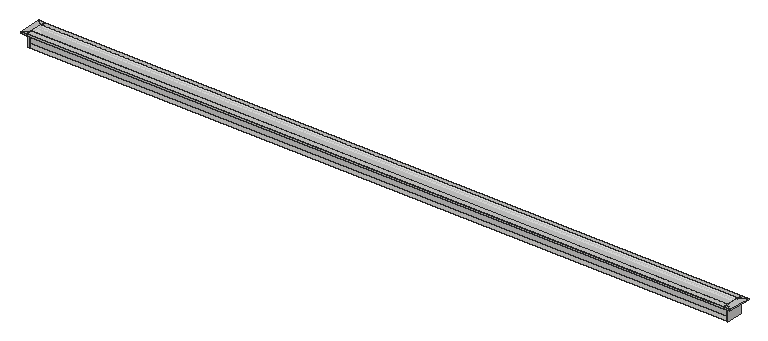
Revit family "Lighting-Luminii-Myka_Recessed_Trimmed new", category Lighting Fixtures, host Face, Revit 2020
Family settings
  Host = Face
  Round Connector Dimension = Use Diameter
  Part Type = Normal
  OmniClass Number = 23.80.70.11.14.11
  OmniClass Title = Downlights
  Cut with Voids When Loaded = No
  Light Source = Yes
  Shared = Yes
  Room Calculation Point = No
Parameters (values of type "Myka Recessed - Trimmed")
  Width = 25/32"  # constant formula
  Wattage Comments = "6 W/ft"
  Wattage = 6 W
  Warranty URL = "https://www.luminii.com/terms-conditions/"
  built-in parameter 1150110 = 1 (stored number, unit not read)
  Voltage Comments = "120VAC - 277VAC"  # constant formula
  Voltage = 120 V
  Version = "2020 - v1.0a"  # constant formula
  URL = "https://www.luminii.com/"
  built-in parameter 1114217 = 1 (stored number, unit not read)
  Tilt Angle = -90.00°  # constant formula
  built-in parameter 1150109 = 1 (stored number, unit not read)
  built-in parameter 1150134 = (empty or 0)
  built-in parameter 1150113 = 1 (stored number, unit not read)
  Support Phone = "224-699-9545"  # constant formula
  Support Email = "mailto:support@bimsmith.com"
  Right Endcap [instance] = yes
  Product Page URL = "Consult Manufacturer Website for more Information"
  Power Source Type = "Driver"  # constant formula
  Power Factor = 1
  Photometric Web File = "MK-48-72VHO-30K-F.ies"
  Phase = 1
  Operating Temperature = "Consult Manufacturer Website for more Information"  # constant formula
  Number of Poles = if(and(or(Voltage = 120 V, Voltage = 277 V), Phase = 1), 1, if(and(or(Voltage = 208 V, Voltage = 240 V), Phase = 1), 2, if(and(or(Voltage = 208 V, Voltage = 240 V), Phase = 3), 3, if(and(Voltage > 300 V, Phase = 1), 2, if(and(Voltage > 400 V, Phase = 3), 3, 1)))))  # 1
  Mounting Method = "Mounting Options: Hard Surface Mounting Bracket, Gypsum Surface Mounting Bracket"  # constant formula
  Model = "MKR"  # constant formula
  Manufacturer Phone Number = "403-216-7043"  # constant formula
  Manufacturer Email = "mailto: info@sensolighting.com"
  Manufacturer Address = "302 50 Ave SE. Calgary, Alberta, T2G 2A9 Canada"  # constant formula
  Manufacturer = "Luminii"  # constant formula
  built-in parameter 1150105 = 31.513 (stored number, unit not read)
  Lumens = 396 lm
  Luminaire Type = "Linear Illumination System"  # constant formula
  built-in parameter 1150115 = 1 (stored number, unit not read)
  Load Classification = Lighting
  built-in parameter 1150137 = (empty or 0)
  built-in parameter 1150139 = (empty or 0)
  Lens Material = Plastic - Luminii - Frosted Lens
  Length [instance] = if(Desired Length < 12", 12", if(Desired Length > 144", 144", (round(Desired Length / 1")) * 1"))  # 24"
  Left Endcap [instance] = yes
  built-in parameter 1150112 = 1 (stored number, unit not read)
  built-in parameter 1150114 = 1 (stored number, unit not read)
  Lamp Life = 1
  Lamp = "LED"  # constant formula
  Keynote = "26 50 00"
  built-in parameter 1150132 = (empty or 0)
  built-in parameter 1150102 = (empty or 0)
  built-in parameter 1150107 = 3000 (stored number, unit not read)
  Initial Color Comments = "Perfomance based on 3000K Photometric Web File"  # constant formula
  built-in parameter 1150138 = (empty or 0)
  built-in parameter 1150106 = 0.31513 (stored number, unit not read)
  Housing Protection Rating = "Consult Manufacturer Website for more Information"  # constant formula
  Height = 123/256"  # constant formula
  Has Dimming = 1 = 1  # yes
  Has Battery Backup = 0 = 1  # no
  Frequency Comments = ""  # constant formula
  Frequency = 60 Hz
  Finish = Metal - Luminii - Silver Anodized Aluminum
  Environment = "Indoor"  # constant formula
  Emit from Line Length = 48"
  built-in parameter 1150104 = 6.1316 (stored number, unit not read)
  Dimming Type = "Consult Manufacturer Website for more Information"  # constant formula
  Dimming Lamp Color Temperature Shift = <None>
  Desired Length [instance] = 24"
  Description = "Linear Illumination System"  # constant formula
  Default Elevation = 0"  # constant formula
  Current Amps = 50 A
  Copyright = "©2024 Luminii"  # constant formula
  Control Zone = "Consult Manufacturer Website for more Information"  # constant formula
  Control Type = "Consult Manufacturer Website for more Information"  # constant formula
  Constraints = 1  # constant formula
  Color Filter = 16777215
  built-in parameter 1114216 [instance] = 0  # (empty or 0)
  built-in parameter 1140040 [instance] = 1 = 1  # 1
  CCT = "3000K"
  C Right End [instance] = if(Right Endcap, 27/128", 0")  # 27/128"
  C Left End [instance] = if(Left Endcap, 27/128", 0")  # 27/128"
  built-in parameter 1114218 = 1 (stored number, unit not read)
  built-in parameter 1150133 = 10 (stored number, unit not read)
  Assembly Code = "D5040.50"
  Apparent Load = Wattage / Power Factor  # 6 VA
Reference planes (in)
  plane 1 "Center (Front/Back)": y = 0
  plane 2: z = 0
  plane 3 "Center (Left/Right)": x = 0
  plane 4: x = 0
  plane 5: x = 0
  plane 6: y = 0.39062
  plane 7: y = -0.39063
  plane 8: x = -12
  plane 9: x = 12
  plane 10: z = -0.41947
  plane 11: z = 0.061
Forms (in)
  Extrusion 1, solid, material "Metal - Luminii - Silver Anodized Aluminum", not visible
    sketch origin (0, 0, -0.01563) x (1, 0, 0) y (0, 1, 0)
      loop
        circle (0, 0) r 0.03125
    from -0.40384 to -0.37205
  Extrusion 2, void
    sketch origin (0, 1.24288, 2.36) x (0, 1, 0) y (-1, 0, 0)
      loop
        line (-0.85226, 11.78906) -> (-1.63351, 11.78906) -> (-1.63351, -11.78906) -> (-0.85226, -11.78906) -> (-0.85226, 11.78906)
    from -2.77947 to -2.36
Dimensions and locks (in)
  equal spacing: plane 4, plane 3 "Center (Left/Right)", plane 5
  equal spacing: plane 6, plane 1 "Center (Front/Back)", plane 7
  plane 4 to plane 5 = 0"
  "Width": plane 6 to plane 7
  equal spacing: plane 8, plane 3 "Center (Left/Right)", plane 9
  "Length": plane 8 to plane 9
  plane 2 to Extrusion 1 = 0.38767"
  locked: plane 11 to plane 2 at 0.061
  "Height": plane 10 to plane 11
  locked: plane 10 to Extrusion 1 at 0.03179
  plane 1 "Center (Front/Back)" to imposter light = 0"
  "C Right End": Extrusion 2 sketch curve to plane 9
  "C Left End": plane 8 to Extrusion 2 sketch curve
  aligned and locked: plane 2 to host face
  aligned and locked: plane 3 "Center (Left/Right)" to Extrusion 1 sketch curve
  aligned and locked: imposter light to plane 3 "Center (Left/Right)"
  aligned and locked: plane 1 "Center (Front/Back)" to Extrusion 1 sketch curve
  aligned and locked: plane 10 to Extrusion 1
  aligned and locked: plane 10 to Extrusion 2
  aligned and locked: plane 2 to Extrusion 2
  aligned and locked: Extrusion 2 sketch curve to plane 6
  aligned and locked: plane 7 to Extrusion 2 sketch curve
  aligned and locked: imposter light to plane 11
  aligned and locked: plane 1 "Center (Front/Back)" to imposter light
Automatic sketch dimensions
  host sketch curve to host sketch curve = 96"  (x2)
  radius of Extrusion 1 sketch curve = 1/32"
Nested families (in)
  nested 1: "Nested Lamp" at (0, 0, 0), type "Nested Lamp"
    with Length 24"
Connectors (in)
  electrical at (0, 0, -0.41947), driven by "Number of Poles", driven by "Load Classification", driven by "Voltage", driven by "Apparent Load", driven by "Power Factor"
    settings: on Extrusion 1, index 1, voltage 120 V, apparent load 6 VA, apparent load phase1 0 VA, apparent load phase2 0 VA, apparent load phase3 0 VA, power factor 1, load classification "Lighting", number of poles 1, system type 30, power factor state 1, is connector primary yes, connector utility no, sub classification motor no, connector description "Power Connection"
Definition of nested family "Nested Lamp"
  Parameters (values of type "Nested Lamp")
    Right Cap = yes
    Lens = none
    Length = 6"
    Left Cap = yes
    Finish = none
    Default Elevation = 48"
    C Right Endcap = if(Right Cap, 27/128", 0")  # 27/128"
    C Left Endcap = if(Left Cap, 27/128", 0")  # 27/128"
  Reference planes (in)
    plane 1 "Center (Front/Back)": y = 0
    plane 2: z = 0
    plane 3 "Center (Left/Right)": x = 0
    plane 4: x = -2.78906
    plane 5: x = 2.78906
    plane 6: x = 3
    plane 7: x = -3
  Forms (in)
    Extrusion 1, solid
      sketch origin (0, 0, 0) x (1, 0, 0) y (0, 1, 0)
        loop
          line (-48, 48) -> (-48, -48) -> (48, -48) -> (48, 48) -> (-48, 48)
      from 0 to -12
    Sweep 2, solid, material <- "Finish", detail levels medium+fine
      path origin (0, 0, 0) x (1, 0, 0) y (0, 1, 0)
        loop
          line (-2.78906, 0) -> (2.78906, 0)
      profile origin (0, 0, 0) x (0, 1, 0) y (0, 0, 1)
        loop
          line (0.25768, -0.41749) -> (0.22017, -0.2775) -> (0.26661, -0.2775) -> (0.26661, 0) -> (0.39162, 0) -> (0.39162, 0.04679) -> (0.22117, 0.06281) -> (0.19901, -0.04729) -> (0.23125, -0.08191) -> (0.2, -0.10462) -> (0.2, -0.13538) -> (0.21993, -0.17624) -> (0.21993, -0.20749) -> (-0.21993, -0.20749) -> (-0.21993, -0.17624) -> (-0.2, -0.13538) -> (-0.2, -0.10462) -> (-0.23125, -0.08191) -> (-0.19901, -0.04729) -> (-0.22117, 0.06281) -> (-0.39162, 0.04679) -> (-0.39162, 0) -> (-0.26661, 0) -> (-0.26661, -0.2775) -> (-0.22017, -0.2775) -> (-0.25768, -0.41749) -> (0.25768, -0.41749)
    Sweep 3, solid, material <- "Lens", detail levels medium+fine
      path origin (0, 0, 0) x (1, 0, 0) y (0, 1, 0)
        loop
          line (-2.78906, 0) -> (2.78906, 0)
      profile origin (0, 0, 0) x (0, 1, 0) y (0, 0, 1)
        loop
          line (0.23125, -0.08191) -> (0.19901, -0.04729) -> (0.22108, 0.06236) -> (-0.22108, 0.06236) -> (-0.19901, -0.04729) -> (-0.23125, -0.08191) -> (-0.19723, -0.10663) -> (-0.17519, -0.08458) -> (-0.17519, 0.02409) -> (0.17519, 0.02409) -> (0.17519, -0.08458) -> (0.19723, -0.10663) -> (0.23125, -0.08191)
    Sweep 4, solid, material <- "Finish", detail levels coarse
      path origin (0, 0, 0) x (1, 0, 0) y (0, 1, 0)
        loop
          line (-2.78906, 0) -> (2.78906, 0)
      profile origin (0, 0, 0) x (0, 1, 0) y (0, 0, 1)
        loop
          line (0.26661, 0) -> (0.39162, 0) -> (0.39162, 0.06295) -> (0.2251, 0.06295) -> (0.16921, -0.17915) -> (-0.16921, -0.17915) -> (-0.2251, 0.06295) -> (-0.39162, 0.06295) -> (-0.39162, 0) -> (-0.26661, 0) -> (-0.26661, -0.41749) -> (0.26661, -0.41749) -> (0.26661, 0)
    Sweep 5, solid, material <- "Lens", detail levels coarse
      path origin (0, 0, 0) x (1, 0, 0) y (0, 1, 0)
        loop
          line (-2.78906, 0) -> (2.78906, 0)
      profile origin (0, 0, 0) x (0, 1, 0) y (0, 0, 1)
        loop
          line (0.16921, -0.17915) -> (0.2251, 0.06295) -> (-0.2251, 0.06295) -> (-0.16921, -0.17915) -> (0.16921, -0.17915)
    Sweep 6, solid, material <- "Finish", visible <- "Right Cap"
      path origin (0, 0, 0) x (1, 0, 0) y (0, 1, 0)
        loop
          line (2.78906, 0) -> (2.83906, 0)
      profile origin (2.81406, 0, 0) x (0, 1, 0) y (0, 0, 1)
        loop
          line (0.26661, 0) -> (-0.26661, 0) -> (-0.26661, -0.41749) -> (0.26661, -0.41749) -> (0.26661, 0)
    Sweep 7, solid, material <- "Finish", visible <- "Left Cap"
      path origin (0, 0, 0) x (-1, 0, 0) y (0, 1, 0)
        loop
          line (2.78906, 0) -> (2.83984, 0)
      profile origin (-2.81445, 0, 0) x (0, -1, 0) y (0, 0, 1)
        loop
          line (-0.26661, 0) -> (-0.26661, -0.41749) -> (0.26661, -0.41749) -> (0.26661, 0) -> (-0.26661, 0)
    Extrusion 8, solid, material <- "Finish", visible <- "Right Cap", detail levels coarse
      sketch origin (0, 0, 0) x (1, 0, 0) y (0, 1, 0)
        loop
          line (2.78906, 0.39162) -> (2.78906, -0.39162) -> (3, -0.39162) -> (3, 0.39162) -> (2.78906, 0.39162)
      from 0 to 0.06295
    Extrusion 9, solid, material <- "Finish", visible <- "Left Cap", detail levels coarse
      sketch origin (0, 0, 0) x (-1, 0, 0) y (0, -1, 0)
        loop
          line (2.78906, -0.39162) -> (3, -0.39162) -> (3, 0.39162) -> (2.78906, 0.39162) -> (2.78906, -0.39162)
      from 0 to 0.06295
    Extrusion 10, solid, material <- "Finish", visible <- "Right Cap", detail levels medium+fine
      sketch origin (0, 0, 0) x (0, 1, 0) y (0, 0, 1)
        loop
          line (0.39161, 0.04679) -> (0.22911, 0.06206) -> (-0.22911, 0.06206) -> (-0.39162, 0.04679) -> (-0.39162, 0) -> (0.39161, 0) -> (0.39161, 0.04679)
      from 3 to 2.78906
    Extrusion 11, void
      sketch origin (0, 0, 0) x (1, 0, 0) y (0, 0, 1)
        loop
          line (3.03529, 0.04423) -> (3.03529, 0.10046) -> (2.72846, 0.10046) -> (2.72846, 0.06645) -> (3.03529, 0.04423)
      from -0.49837 to 1.50733
    Extrusion 12, solid, material <- "Finish", visible <- "Left Cap", detail levels medium+fine
      sketch origin (0, 0, 0) x (0, 1, 0) y (0, 0, -1)
        loop
          line (0.39161, -0.04679) -> (0.39161, 0) -> (-0.39162, 0) -> (-0.39162, -0.04679) -> (-0.22911, -0.06206) -> (0.22911, -0.06206) -> (0.39161, -0.04679)
      from 3 to 2.78906
    Extrusion 13, void
      sketch origin (0, 0, 0) x (-1, 0, 0) y (0, 0, -1)
        loop
          line (3.03529, -0.04423) -> (2.72846, -0.06645) -> (2.72846, -0.10046) -> (3.03529, -0.10046) -> (3.03529, -0.04423)
      from -0.49837 to 1.50733
  Cuts and joins
    Extrusion 11, Extrusion 13 cuts Extrusion 10
    Extrusion 13 cuts Extrusion 8
    Extrusion 13 cuts Extrusion 12
  Dimensions and locks (in)
    "Length": plane 7 to plane 6
    "C Left Endcap": plane 7 to plane 4
    "C Right Endcap": plane 5 to plane 6
    equal spacing: plane 7, plane 3 "Center (Left/Right)", plane 6
    Sweep 6 sketch curve to Sweep 6 sketch curve to plane 6 = 0.05" locked, 0.16094" locked
    Sweep 7 sketch curve to plane 4 to Sweep 7 sketch curve = 13/256" locked, 0" locked
    locked: Extrusion 8 sketch curve to plane 6 at 0.21094
    locked: Extrusion 8 to plane 2 at 0.06295
    locked: plane 7 to Extrusion 9 sketch curve at 0.21094
    locked: Extrusion 9 to plane 2 at 0.06295
    locked: plane 6 to Extrusion 10 at 0.21094
    Extrusion 13 sketch curve to plane 7 to Extrusion 13 sketch curve = 0.03529" locked, 0.27154" locked
    Extrusion 13 sketch curve to Extrusion 13 sketch curve to Extrusion 13 sketch curve to plane 2 = 0.034" locked, 0.02222" locked, 0.04423" locked
    Extrusion 12 sketch curve to Extrusion 12 sketch curve to Extrusion 12 sketch curve to plane 2 to Extrusion 12 sketch curve = 0.01528" locked, 0" locked, 0.04679" locked, 0" locked
    locked: plane 7 to Extrusion 12 at 0.21094
    Extrusion 11 sketch curve to Extrusion 11 sketch curve to Extrusion 11 sketch curve to plane 2 = 0.034" locked, 0.02222" locked, 0.04423" locked
    Extrusion 11 sketch curve to plane 6 to Extrusion 11 sketch curve = 0.03529" locked, 0.27154" locked
    aligned and locked: plane 2 to Extrusion 1
    aligned and locked: level to Extrusion 1
    aligned and locked: plane 4 to Sweep 2 sketch curve
    aligned and locked: plane 1 "Center (Front/Back)" to Sweep 2 sketch curve
    aligned and locked: plane 5 to Sweep 2 sketch curve
    aligned and locked: plane 5 to Sweep 3 sketch curve
    aligned and locked: plane 4 to Sweep 3 sketch curve
    aligned and locked: plane 1 "Center (Front/Back)" to Sweep 3 sketch curve
    aligned and locked: plane 1 "Center (Front/Back)" to Sweep 6 sketch curve
    aligned and locked: Sweep 7 sketch curve to plane 1 "Center (Front/Back)"
    aligned and locked: Extrusion 8 sketch curve to plane 6
    aligned and locked: Extrusion 8 to plane 2
    aligned and locked: plane 7 to Extrusion 9 sketch curve
    aligned and locked: Extrusion 9 to plane 2
    aligned and locked: Extrusion 10 to plane 6
    aligned and locked: plane 7 to Extrusion 9
    aligned and locked: plane 7 to Extrusion 12
  Automatic sketch dimensions
    Extrusion 1 sketch curve to Extrusion 1 sketch curve = 96"  (x2)
    Sweep 2 sketch curve to level = 0"  (x2)
    level to Sweep 2 sketch curve = 0.04679"  (x2)
    profile plane to Sweep 2 sketch curve = 0.39162"
    profile plane to Sweep 2 sketch curve = 0.26661"
    Sweep 2 sketch curve to Sweep 2 sketch curve = 0.00892"
    Sweep 2 sketch curve to level = 0.08191"  (x2)
    Sweep 2 sketch curve to Sweep 2 sketch curve = 0.03535"
    level to Sweep 2 sketch curve = 0.06281"  (x2)
    Sweep 2 sketch curve to Sweep 2 sketch curve = 0.04544"  (x2)
    Sweep 2 sketch curve to Sweep 2 sketch curve = 0.04644"
    Sweep 2 sketch curve to Sweep 2 sketch curve = 0.01132"
    Sweep 2 sketch curve to Sweep 2 sketch curve = 0.01993"  (x2)
    Sweep 2 sketch curve to level = 0.04729"  (x2)
    Sweep 2 sketch curve to Sweep 2 sketch curve = 0.03224"
    Sweep 2 sketch curve to profile plane = 0.19901"
    Sweep 2 sketch curve to Sweep 2 sketch curve = 0.00099"
    Sweep 2 sketch curve to Sweep 2 sketch curve = 0.00024"
    Sweep 2 sketch curve to Sweep 2 sketch curve = 0.02216"
    Sweep 2 sketch curve to Sweep 2 sketch curve = 1/32"  (x2)
    Sweep 2 sketch curve to Sweep 2 sketch curve = 0.03751"
    Sweep 2 sketch curve to Sweep 2 sketch curve = 1/8"
    Sweep 2 sketch curve to Sweep 2 sketch curve = 0.02271"  (x2)
    Sweep 2 sketch curve to Sweep 2 sketch curve = 0.03076"  (x2)
    Sweep 2 sketch curve to Sweep 2 sketch curve = 0.04086"  (x2)
    Sweep 2 sketch curve to Sweep 2 sketch curve = 0.07001"  (x2)
    Sweep 2 sketch curve to Sweep 2 sketch curve = 0.13999"
    Sweep 3 sketch curve to level = 0.08191"  (x2)
    profile plane to Sweep 3 sketch curve = 0.23125"
    level to Sweep 3 sketch curve = 0.06236"
    Sweep 3 sketch curve to Sweep 3 sketch curve = 0.01018"
    Sweep 3 sketch curve to level = 0.04729"  (x2)
    Sweep 3 sketch curve to Sweep 3 sketch curve = 0.03224"
    Sweep 3 sketch curve to Sweep 3 sketch curve = 0.03402"  (x2)
    Sweep 3 sketch curve to Sweep 3 sketch curve = 0.02204"  (x4)
    level to Sweep 3 sketch curve = 0.02409"
    Sweep 3 sketch curve to profile plane = 0.17519"
    Sweep 3 sketch curve to Sweep 3 sketch curve = 0.02382"
    Sweep 3 sketch curve to Sweep 3 sketch curve = 0.04588"
    Sweep 3 sketch curve to Sweep 3 sketch curve = 0.0373"  (x2)
    plane 1 "Center (Front/Back)" to Sweep 4 sketch curve = 0"
    Sweep 4 sketch curve to plane 4 = 0"
    Sweep 4 sketch curve to plane 5 = 0"
    Sweep 4 sketch curve to level = 0"  (x2)
    level to Sweep 4 sketch curve = 0.06295"  (x2)
    profile plane to Sweep 4 sketch curve = 0.39162"
    profile plane to Sweep 4 sketch curve = 0.26661"
    Sweep 4 sketch curve to Sweep 4 sketch curve = 0.04151"
    profile plane to Sweep 4 sketch curve = 0.16921"
    Sweep 4 sketch curve to profile plane = 0.16921"
    Sweep 4 sketch curve to profile plane = 0.2251"
    Sweep 4 sketch curve to Sweep 4 sketch curve = 0.0974"
    Sweep 4 sketch curve to Sweep 4 sketch curve = 1/8"
    Sweep 4 sketch curve to level = 0.17915"
    Sweep 4 sketch curve to Sweep 4 sketch curve = 0.23834"
    plane 1 "Center (Front/Back)" to Sweep 5 sketch curve = 0"
    Sweep 5 sketch curve to plane 4 = 0"
    Sweep 5 sketch curve to plane 5 = 0"
    level to Sweep 5 sketch curve = 0.06295"
    profile plane to Sweep 5 sketch curve = 0.2251"
    profile plane to Sweep 5 sketch curve = 0.16921"
    Sweep 5 sketch curve to profile plane = 0.16921"
    Sweep 5 sketch curve to profile plane = 0.2251"
    Sweep 5 sketch curve to level = 0.17915"
    Sweep 6 sketch curve to level = 0"
    profile plane to Sweep 6 sketch curve = 0.26661"
    Sweep 6 sketch curve to profile plane = 0.26661"
    Sweep 6 sketch curve to level = 0.41749"
    Sweep 7 sketch curve to level = 0"
    profile plane to Sweep 7 sketch curve = 0.26661"
    Sweep 7 sketch curve to profile plane = 0.26661"
    Sweep 7 sketch curve to level = 0.41749"
    plane 1 "Center (Front/Back)" to Extrusion 8 sketch curve = 0.39162"
    Extrusion 8 sketch curve to plane 1 "Center (Front/Back)" = 0.39162"
    Extrusion 9 sketch curve to plane 1 "Center (Front/Back)" = 0.39162"
    plane 1 "Center (Front/Back)" to Extrusion 9 sketch curve = 0.39162"
    Extrusion 10 sketch curve to level = 0"
    level to Extrusion 10 sketch curve = 0.04679"  (x2)
    plane 1 "Center (Front/Back)" to Extrusion 10 sketch curve = 0.39162"
    level to Extrusion 10 sketch curve = 0.06206"
    Extrusion 10 sketch curve to Extrusion 10 sketch curve = 0.16251"
    Extrusion 10 sketch curve to plane 1 "Center (Front/Back)" = 0.22911"
    Extrusion 10 sketch curve to Extrusion 10 sketch curve = 0.1625"
    plane 1 "Center (Front/Back)" to Extrusion 12 sketch curve = 0.39162"
    Extrusion 12 sketch curve to Extrusion 12 sketch curve = 0.16251"
    Extrusion 12 sketch curve to plane 1 "Center (Front/Back)" = 0.22911"
    Extrusion 12 sketch curve to Extrusion 12 sketch curve = 0.1625"
